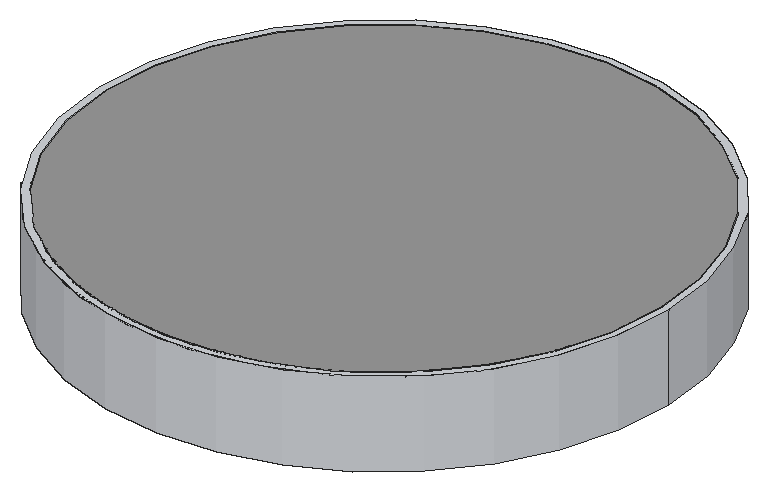
Revit family "2071135", category Lighting Fixtures, host Face, Revit 2018
Family settings
  Host = Face
  Round Connector Dimension = Use Diameter
  Part Type = Normal
  OmniClass Number = 23.80.70.00
  OmniClass Title = Lighting
  Cut with Voids When Loaded = No
  Light Source = Yes
  Shared = No
  Room Calculation Point = No
Parameters (values of type "2071135 COLOSSAL 400 830 OP DIR+H WHT SSC")
  iner diameter = 390 mm
  Weight = "n/a"
  Wattage Comments = ""
  Wattage = 30 W
  WarrantyStartDate [instance] = "n/a"
  WarrantyGuarantorParts = "n/a"
  WarrantyDurationUnit = "n/a"
  WarrantyDurationParts = ""
  WarrantyDescription = "http://www.sylvania-lighting.com"
  built-in parameter 1150110 = 1 (stored number, unit not read)
  Voltage = 230 V
  URL = "0.95"
  TypeName = "COLOSSAL 400mm 830 OPAL DIR+HAL WHITE SSC"
  Type Image = <None>
  Type Comments = "n/a"
  built-in parameter 1114217 = 1 (stored number, unit not read)
  Tilt Angle = -90.00°
  built-in parameter 1150109 = 1 (stored number, unit not read)
  built-in parameter 1150134 = (empty or 0)
  built-in parameter 1150113 = 1 (stored number, unit not read)
  SerialNumber [instance] = "n/a"
  Photometric Web File = "2071135.ies"
  Material_3_SYL = LED-Sylvania
  PowerFactor = 0
  PowerConsumption = "Lighting"
  NominalLength = 400 mm
  NominalHeight = 93 mm
  NominalDepth = 400 mm
  Name = "COLOSSAL 400mm 830 OPAL DIR+HAL WHITE SSC"
  ModelReference = Name  # "COLOSSAL 400mm 830 OPAL DIR+HAL WHITE SSC"
  ModelNumber = "2071135"
  Model = Name  # "COLOSSAL 400mm 830 OPAL DIR+HAL WHITE SSC"
  Material = "Feilo Sylvania"
  ManufacturerName = "124 lm/W"
  Manufacturer = ""
  LuminousEfficacy = ""
  built-in parameter 1150105 = 270.44 (stored number, unit not read)
  Lumens = 3398.4 lm
  LuminaireType = "0"
  built-in parameter 1150115 = 1 (stored number, unit not read)
  LightOutputRatio = "LED"
  built-in parameter 1150137 = (empty or 0)
  built-in parameter 1150139 = (empty or 0)
  LampsType = Lamp  # "n/a"
  LampNominalLuminous = "3000 K"
  LampMacAdamStep = "80"
  LampColourTemperature = "LED"
  LampColourRenderingIndex = "16500"
  built-in parameter 1150112 = 1 (stored number, unit not read)
  built-in parameter 1150114 = 1 (stored number, unit not read)
  Lamp = "n/a"
  Keynote = "n/a"
  InstallationDate [instance] = "n/a"
  InputVoltage = "0"
  InputNominalFrequency = "3000"
  built-in parameter 1150132 = (empty or 0)
  built-in parameter 1150102 = (empty or 0)
  built-in parameter 1150107 = 3000 (stored number, unit not read)
  built-in parameter 1150138 = (empty or 0)
  IngressProtection = "IfcLightFixtureType"
  ImpactProtectionIndex = "IfcLightFixtureType"
  built-in parameter 1150106 = 2.7044 (stored number, unit not read)
  IfcExportType = "IfcLightFixtureType"
  IfcExportAs = "Class I"
  Emit from Circle Diameter = 385 mm
  Emit Shape Visible in Rendering = no
  ElectricShockClassification = "124"
  built-in parameter 1150104 = 10.524 (stored number, unit not read)
  DocumentationLiterature = "http://www.sylvania-lighting.com/product/en-int/products/2071135"
  DimmingControlOptions = "n/a"
  Material_2_SYL = Polycarbonate_Sylvania_White
  Dimming Lamp Color Temperature Shift = <None>
  Description = "400mm diameter circular architectural luminaire, can be surface mounted or suspended. Powder coated aluminium housing (RAL9016) with polycarbonate opal diffuser. Direct/indirect (halo) light distribution, 2550lm luminuous flux, 20.5W system power, 124lm/W luminiaire efficacy. Sylsmart Standalone enabled. Colour rendering index Ra >80, 3000K Warm White LED, chromaticity tolerance of 3-step MacAdam ellipse. IP40, IK03. 450mA drive current. Electrical protection Class1, 220-240V. Reported lifetime 66k hours L90B10."
  Default Elevation = 1219.2 mm
  CreatedOn = "22/03/2022"
  CreatedBy = "@sylvania-lighting.com"
  Cost = 0
  Color Filter = 16777215
  built-in parameter 1114216 [instance] = (empty or 0)
  ClassificationValue = "EF_70_80"
  ClassificationName = "Uniclass2015"
  Material_1_SYL = Polycarbonate_Sylvania_Opal
  BarCode [instance] = "n/a"
  built-in parameter 1114218 = 1 (stored number, unit not read)
  built-in parameter 1150133 = 10 (stored number, unit not read)
  AssetType = "Fixed"
  AssetIdentifier [instance] = "n/a"
  Assembly Code = "D5020200"
  Apparent Load = 20.5 VA
  Material_4_SYL = none
Reference planes
  plane 1 "Center (Front/Back)": y = 0
  plane 2: z = 0
  plane 3 "Center (Left/Right)": x = 0
  plane 4: x = -200
  plane 5: x = 200
  plane 6: y = 200
  plane 7: y = -200
  plane 8: y = 236
  plane 9: y = -236
  plane 10: z = 93
  plane 11: y = 195
  plane 12: y = -195
  plane 13: y = 90.5
  plane 14: y = 144.5
  plane 15: through (52.25, 90.5, 1219.2) normal (0.866, 0.5, 0)
  plane 16: through (52.25, 90.5, 1219.2) normal (0.866, 0.5, 0)
  plane 17: through (63.706, 126.657, 1219.2) normal (0.866, 0.5, 0)
  plane 18: through (-104.5, 0, 1219.2) normal (-0.866, 0.5, 0)
  plane 19: through (-142.394, -9.633, 1219.2) normal (-0.866, 0.5, 0)
  plane 20: y = -90.5
  plane 21: y = -118.5
  plane 22: through (85.371, -141.133, 1219.2) normal (-0.866, 0.5, 0)
  plane 23: through (52.25, -90.5, 1219.2) normal (-0.866, 0.5, 0)
  plane 24: through (-161.658, 0, 1219.2) normal (0.866, 0.5, 0)
  plane 25: through (-172.12, 9.121, 1219.2) normal (0.866, 0.5, 0)
  plane 26: through (-104.5, 0, 1219.2) normal (0.866, 0.5, 0)
Forms (mm)
  Extrusion 1, solid, detail levels medium+fine
    sketch origin (0, 0, 0) x (1, 0, 0) y (0, 1, 0)
      loop
        circle (0, 0) r 200
    from 33.023 to 93
  Extrusion 2, void
    sketch origin (0, 0, 0) x (1, 0, 0) y (0, 1, 0)
      loop
        circle (0, 0) r 195
    from 93 to 37.292
  Extrusion 3, solid, material "Glass, White, High Luminance", detail levels fine
    sketch origin (0, 0, 0) x (1, 0, 0) y (0, 1, 0)
      loop
        circle (0, 0) r 195
    from 88.026 to 93
  Extrusion 4, solid, detail levels coarse
    sketch origin (0, 0, 0) x (1, 0, 0) y (0, 1, 0)
      loop
        line (-200, 200) -> (-200, -200) -> (200, -200) -> (200, 200) -> (-200, 200)
    from 0 to 93
  Blend 5, solid, detail levels medium+fine
    base sketch origin (0, 0, 0) x (1, 0, 0) y (0, 1, 0)
      loop
        line (-52.25, 90.5) -> (-104.5, 0) -> (-52.25, -90.5) -> (52.25, -90.5) -> (104.5, 0) -> (52.25, 90.5) -> (-52.25, 90.5)
    top sketch origin (0, 0, 0) x (1, 0, 0) y (0, 1, 0)
      loop
        line (-53.405, 144.5) -> (-149.245, -21.5) -> (-93.242, -118.5) -> (98.438, -118.5) -> (151.843, -26) -> (53.405, 144.5) -> (-53.405, 144.5)
    from 0 to 33.023
Cuts and joins
  Extrusion 2 cuts Extrusion 1
Dimensions and locks
  "NominalDepth": plane 6 to plane 7
  "NominalLength": plane 4 to plane 5
  equal spacing: plane 4, plane 3 "Center (Left/Right)", plane 5
  "iner diameter": plane 11 to plane 12
  equal spacing: plane 11, plane 1 "Center (Front/Back)", plane 12
  equal spacing: plane 6, plane 1 "Center (Front/Back)", plane 7
  "NominalHeight": plane 10 to level
  plane 19 to plane 18 = 28 mm
  radius of Extrusion 2 sketch curve = 195 mm
  aligned and locked: plane 2 to host face
  aligned and locked: level to host face
Automatic sketch dimensions
  host sketch curve to host sketch curve = 2438.4 mm  (x2)
  plane 1 "Center (Front/Back)" to Extrusion 1 sketch curve = 0 mm
  Extrusion 1 sketch curve to plane 3 "Center (Left/Right)" = 0 mm
  plane 1 "Center (Front/Back)" to Extrusion 2 sketch curve = 0 mm
  Extrusion 2 sketch curve to plane 3 "Center (Left/Right)" = 0 mm
  plane 1 "Center (Front/Back)" to Extrusion 3 sketch curve = 0 mm
  Extrusion 3 sketch curve to plane 3 "Center (Left/Right)" = 0 mm
  Extrusion 4 sketch curve to plane 4 = 0 mm
  Extrusion 4 sketch curve to plane 5 = 0 mm
  Extrusion 4 sketch curve to plane 7 = 0 mm
  Extrusion 4 sketch curve to plane 6 = 0 mm
  Blend 5 sketch curve to plane 19 = 0 mm  (x2)
  Blend 5 sketch curve to plane 24 = 0 mm  (x2)
  Blend 5 sketch curve to plane 21 = 0 mm
  Blend 5 sketch curve to plane 14 = 0 mm
  Blend 5 sketch curve to plane 17 = 0 mm  (x2)
  Blend 5 sketch curve to plane 22 = 0 mm  (x2)
  radius of Extrusion 1 sketch curve = 200 mm
  radius of Extrusion 3 sketch curve = 195 mm
Connectors
  electrical at (0, 0, 0), driven by "Apparent Load", driven by "PowerFactor", driven by "Voltage"
    settings: index 1, voltage 230 V, apparent load 20.5 VA, apparent load phase1 0 VA, apparent load phase2 0 VA, apparent load phase3 0 VA, power factor 0, load classification "Lighting", number of poles 1, system type 30, power factor state 1, is connector primary yes, connector utility no, sub classification motor no, connector description ""
